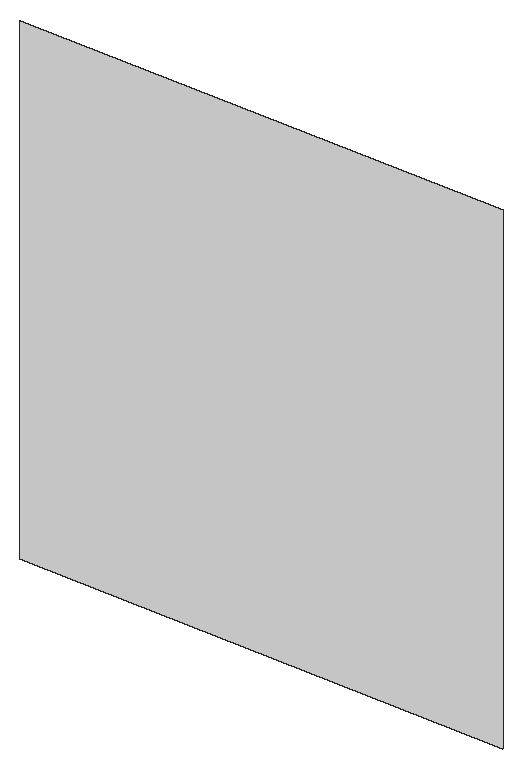
Revit family
Parameters (values of type "삼중")
  폭 = 115 mm
  장착 높이 = 305 mm
  높이 = 115 mm
  재료 = 플라스틱 - 흰색
Reference planes
  plane 1: y = 0
  plane 2 "중심(왼쪽/오른쪽)": x = 125
  plane 3 "뒤로": y = 75
  plane 4: z = 305
  plane 5: x = 67.5
  plane 6: x = 182.5
  plane 7: z = 362.5
  plane 8: z = 247.5
  plane 9: y = 80
Forms (mm)
  Blend 1, solid, material "플라스틱 - 흰색" <- "재료"
    base sketch origin (0, 75, 0) x (1, 0, 0) y (0, 0, 1)
      loop
        line (182.5, 362.5) -> (67.5, 362.5) -> (67.5, 247.5) -> (182.5, 247.5) -> (182.5, 362.5)
    top sketch origin (0, 75, 0) x (1, 0, 0) y (0, 0, 1)
      loop
        line (177.5, 357.5) -> (72.5, 357.5) -> (72.5, 252.5) -> (177.5, 252.5) -> (177.5, 357.5)
    from 0 to -5
Text (mm)
  text "측면 배치" at (0, 1270.507, 3001.832), in view "왼쪽"
  text "측면 배치" at (0, 530.812, 2999.686), in view "오른쪽"
Dimensions and locks
  locked: plane 3 "뒤로" to host wall
  "높이": plane 8 to plane 7
  "폭": plane 5 to plane 6
  equal spacing: plane 8, plane 4, plane 7
  equal spacing: plane 5, plane 2 "중심(왼쪽/오른쪽)", plane 6
  "장착 높이": level to plane 4
  locked: plane 3 "뒤로" to plane 9 at 5
  aligned and locked: plane 1 to host wall
  aligned and locked: plane 6 to Blend 1 sketch curve
  aligned and locked: Blend 1 sketch curve to plane 7
  aligned and locked: plane 8 to Blend 1 sketch curve
  aligned and locked: plane 5 to Blend 1 sketch curve
  aligned and locked: plane 3 "뒤로" to Blend 1
  aligned and locked: Blend 1 to plane 9
  aligned and locked: plane 3 "뒤로" to nested 1
Automatic sketch dimensions
  Blend 1 sketch curve to plane 5 = 5 mm
  plane 6 to Blend 1 sketch curve = 5 mm
  Blend 1 sketch curve to plane 8 = 5 mm
  plane 7 to Blend 1 sketch curve = 5 mm
Nested families
  nested 1: "콘센트 주석-삼중" at (125, 75, 0), type "콘센트 주석-삼중"
Definition of nested family "콘센트 주석-삼중"
  Reference planes
    plane 1: y = 0
    plane 2: x = 0
  Lines and regions (mm)
    detail lines
      curve 1: arc (-1.218, 2.706, 0) -> (1.219, 4.039, 0) -> (-1.218, 2.706, 0) r 1.389
      curve 2: line (-0.461, 0.398, 0) -> (-0.461, 4.684, 0)
      curve 3: line (0.461, 0.398, 0) -> (0.461, 4.684, 0)
      curve 4: line (-1.389, 3.373, 0) -> (1.389, 3.373, 0)
      curve 5: line (0, 0.398, 0) -> (0, 4.762, 0)
